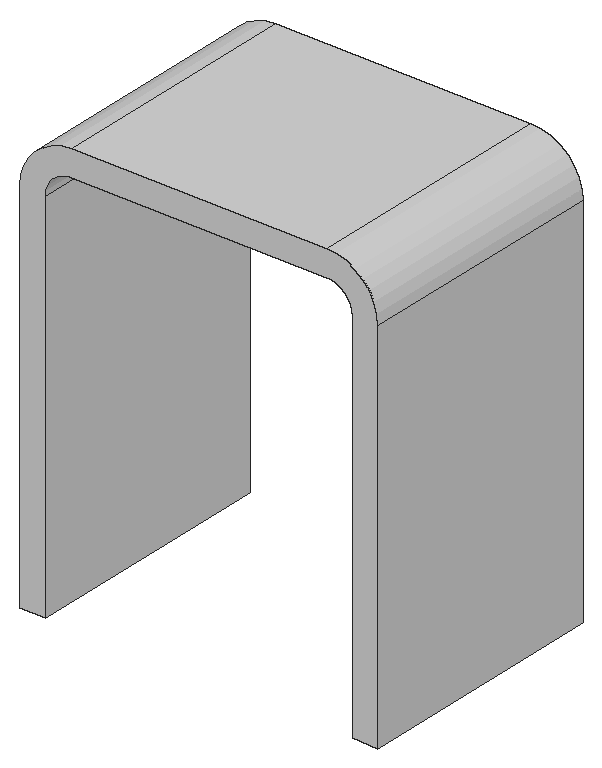
Revit family "Mount_RigidRail_Kattsafe_Flush", category Specialty Equipment, Revit 2025
Family settings
  Round Connector Dimension = Use Diameter
  Part Type = Normal
  OmniClass Number = 23.27.71.21
  Work Plane-Based = No
  Enable Cutting in Views = No
  Always vertical = Yes
  Cut with Voids When Loaded = No
  Maintain Annotation Orientation = No
  Shared = No
  Room Calculation Point = No
Parameters (values of type "Type 1")
  Uniclass2015Version = "Products v1.23"
  Uniclass2015Title = "Brackets"
  Uniclass2015Code = "Pr_20_85_09"
  URL = "https://kattsafe.com.au/"
  Type IFC Predefined Type = "USERDEFINED"
  Type Comments = "Suspension Bracket"
  SafetyDisclaimer [instance] = "WARNING! The correct placement of access, fall protection and facade maintenance systems is critical to ensure it is fit-for-purpose and safe for the operator to use. Did you know Kattsafe® have a dedicated team of Height Safety System Design Specialists? Kattsafe® provide one-on-one consultation and system design assistance to ensure you are meeting the stringent requirements of height safety and to give you PEACE OF MIND with your project."  # constant formula
  ModifiedIssue = 20240430
  Model = "OH272.16"
  Material = Steel_Stainless_Kattsafe_Satin
  ManufacturerURLProductSpecific = "https://kattsafe.com.au/products/rigid-rails"
  ManufacturerSpecCode = Model  # "OH272.16"
  ManufacturerOverallWidth = 70 mm  # constant formula
  ManufacturerOverallHeight = 84 mm  # constant formula
  ManufacturerOverallDepth = 50 mm  # constant formula
  ManufacturerHeightFromFFL [instance] = 39 mm
  Manufacturer = "Kattsafe®"  # constant formula
  IfcExportType = "USERDEFINED"
  IfcExportAs = "IfcBuildingElementProxy"
  Export Type to IFC As = "IfcBuildingElementProxy"
  Description = "Rigid rails provide significant spanning capabilities, making them very versatile where there are limited support structures. The high strength aluminium construction, along with the unique t-bolt assembly makes it a very simple and easily adaptable system to install."  # constant formula
  Default Elevation = 0 mm
  CreatedByURL = "https://igsgroup.com.au"
  CreatedBy = "IGS BIM Solutions"  # constant formula
  Assembly Code = "E1090100"
Reference planes
  plane 1 "Center (Front/Back)": y = 247.5
  plane 2 "Ref. Level": z = 0
  plane 3 "Centre (Left/Right)": x = 0
  plane 4 "Back": y = 272.5
  plane 5 "Front": y = 222.5
  plane 6 "Right": x = 35
  plane 7 "Left": x = -35
  plane 8 "Bottom": z = -45
  plane 9 "Top": z = 39
Forms (mm)
  Extrusion 1, solid, material "Steel_Stainless_Kattsafe_Satin" <- "Material"
    sketch origin (0, 247.5, 0) x (1, 0, 0) y (0, 0, 1)
      loop
        line (-35, -45) -> (-30, -45) -> (-30, 29)
        arc (-30, 29) -> (-28.536, 32.536) -> (-25, 34) r 5
        line (-25, 34) -> (25, 34)
        arc (25, 34) -> (28.536, 32.536) -> (30, 29) r 5
        line (30, 29) -> (30, -45) -> (35, -45) -> (35, 29)
        arc (35, 29) -> (32.071, 36.071) -> (25, 39) r 10
        line (25, 39) -> (-25, 39)
        arc (-25, 39) -> (-32.071, 36.071) -> (-35, 29) r 10
        line (-35, 29) -> (-35, -45)
    from 25 to -25
Lines and regions (mm)
  Masking region 1
    outline origin (0, 0, -45) x (0, -1, 0) y (1, 0, 0)
      loop
        line (-272.5, -35) -> (-222.5, -35) -> (-222.5, 35) -> (-272.5, 35) -> (-272.5, -35)
Text (mm)
  text "Disclaimer:\nDue to ongoing product development and manufacturing \nevolution, product details are subject to change without \nnotice. Please refer to product technical data sheets on \nthe manufacturers website for the most current product \ninformation. Please allow a +/- 5mm manufacturing \ntolerance for dimensions and set-outs shown in product \nliterature." at (790.104, 280.885, 0), in view "Ref. Level"
Dimensions and locks
  equal spacing: plane 7 "Left", plane 3 "Centre (Left/Right)", plane 6 "Right"
  "ManufacturerOverallWidth": plane 7 "Left" to plane 6 "Right"
  equal spacing: plane 5 "Front", plane 1 "Center (Front/Back)", plane 4 "Back"
  "ManufacturerOverallDepth": plane 5 "Front" to plane 4 "Back"
  "ManufacturerOverallHeight": plane 9 "Top" to plane 8 "Bottom"
  "ManufacturerHeightFromFFL": plane 9 "Top" to plane 2 "Ref. Level"
  Extrusion 1 sketch curve to plane 3 "Centre (Left/Right)" to Extrusion 1 sketch curve = 35 mm locked, 35 mm locked
  locked: Extrusion 1 sketch curve to Extrusion 1 sketch curve at 5  (x2)
  locked: plane 9 "Top" to Extrusion 1 sketch curve at 5
  radius of Extrusion 1 sketch curve = 10 mm  (x2)
  radius of Extrusion 1 sketch curve = 5 mm  (x2)
  aligned and locked: level to plane 2 "Ref. Level"
  aligned and locked: Extrusion 1 sketch curve to plane 8 "Bottom"  (x2)
  aligned and locked: plane 4 "Back" to Masking region 1 sketch curve
  aligned and locked: Masking region 1 sketch curve to plane 6 "Right"
  aligned and locked: Masking region 1 sketch curve to plane 5 "Front"
  aligned and locked: plane 7 "Left" to Masking region 1 sketch curve
Automatic sketch dimensions
  Extrusion 1 sketch curve to Extrusion 1 sketch curve = 0 mm
